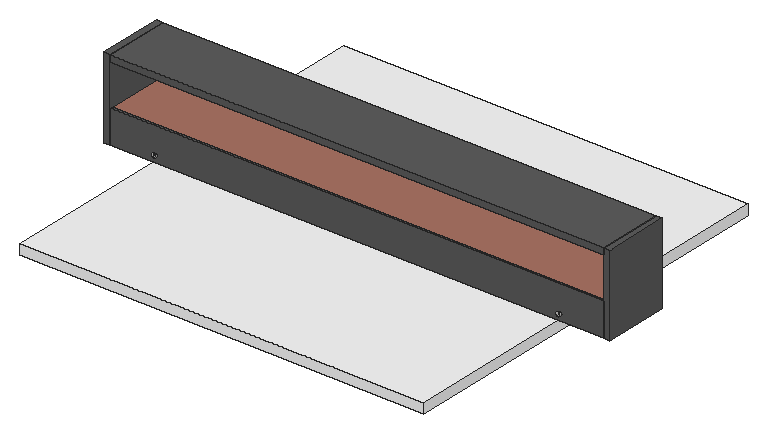
Revit family "BE_50756.6_de_DE", category Leuchten, Revit 2020
Family settings
  Basisbauteil = Fläche
  Bemaßung runder Anschluss = Durchmesser verwenden
  Teiletyp = Normal
  Beim Laden mit Abzugskörper schneiden = Ja
  Lichtquelle = Ja
  Gemeinsam genutzt = Nein
  Raumberechnungspunkt = Ja
Parameters (values of type "BEGA_50756.6_K3")
  built-in parameter 1150104 = 11.65 (stored number, unit not read)
  Wattage = 25.2 W
  Default Elevation = 0 mm
  built-in parameter 1150113 = 1 (stored number, unit not read)
  built-in parameter 1114218 = 1 (stored number, unit not read)
  Umgebungstemperatur = "25 °C"
  URL = "https://www.bega.com/de/produkt/50756.6"
  Typenkommentare = "© 2023 BEGA. Wir behalten uns das Recht vor, technische Änderungen ohne vorherige Ankündigung vorzunehmen."  # constant formula
  built-in parameter 1150134 = (empty or 0)
  built-in parameter 1150109 = 1 (stored number, unit not read)
  built-in parameter 1150110 = 1 (stored number, unit not read)
  Spannung = 239.996 V
  Sonderanfertigung = no
  Seriennummer [instance] = "Hier können Sie die eindeutige Seriennummer für das Facility Management eintragen."
  Schutzklasse = "I"
  Schutzart = "IP 20"
  Scheinlast = 0 VA
  Produktdatenblatt = "https://cdn.bega.com/bega/products/50756.6K3/current/documents/data-sheets/de"
  Neigungswinkel = 0.00°
  Modell = "50756.6K3"
  Material_35 = BEGA_Oberfläche_Samtschwarz_matt
  Material_29 = BEGA_Oberfläche_Kupfer_matt
  Material_15 = BEGA_Leuchtmedium_matt
  Material_13 = BEGA_Kunststoff_matt
  Material_06 = BEGA_Oberfläche_Edelstahl_gebürstet
  Material_05 = BEGA_Oberfläche_Aluminium_Guss
  Material_04 = BEGA_Kunststoff_Grafit_matt
  M_W = no
  M_G = no
  M_A = no
  Logo = 0
  built-in parameter 1114217 = 1 (stored number, unit not read)
  built-in parameter 1150139 = (empty or 0)
  built-in parameter 1150105 = 251.47 (stored number, unit not read)
  built-in parameter 1150114 = 1 (stored number, unit not read)
  Lumens = 3160.08 lm
  built-in parameter 1150115 = 1 (stored number, unit not read)
  Leuchtenlichtstrom = "1067 lm"
  Lebensdauerkriterien = "L70B50 @ 25 °C = 200000 h"
  Lastklassifizierung = Beleuchtung
  built-in parameter 1150112 = 1 (stored number, unit not read)
  Lampenlichtstrom = "3160 lm"
  Lampe = "LED 25.2 W"
  LED_Modulbezeichnung = "2x LED-0696/930"
  Hersteller = "BEGA"  # constant formula
  Gewicht = "1.45 kg"
  Frequenz = "0/50-60 Hz"
  Farbwiedergabeindex = "CRI > 90"
  Farbtemperaturverschiebung bei Dämpfen der Lampe = <Keine Auswahl>
  Farbtemperatur = "3000 K"
  Color Filter = 16777215
  built-in parameter 1150133 = 10 (stored number, unit not read)
  Energieeffizienzklasse = "LED A++ - A"
  built-in parameter 1150137 = (empty or 0)
  built-in parameter 1150132 = (empty or 0)
  ENEC = "ja"
  Dimmbar [instance] = "on/off"
  Datei für fotometrisches Netz = "BE_50756-6K3.ies"
  CE_Konformität = "ja"
  Bestellnummer = "50756.6K3"
  Beschreibung_Sonderanfertigung = "Hier können Sie Informationen zur Sonderanfertigung eintragen."
  Beschreibung = "Wandleuchte"
  built-in parameter 1150106 = 2.5147 (stored number, unit not read)
  Befestigungsbohrung = "Ø 4,5 mm"
  Befestigungsabstand = "410 mm"
  BEGA_Intern_aus = yes
  BEGA_Intern_an = yes
  BEGA_Intern_Konstruktion = yes
  BEGA_Intern = yes
  BEGA_IES = yes
  BEGA_Dummy = no
  Anschlussleistung [instance] = "29 W"
  built-in parameter 1150107 = 3000 (stored number, unit not read)
  built-in parameter 1150102 = (empty or 0)
  built-in parameter 1150138 = (empty or 0)
  Aktualisierung = "2023-06-12T04:00:03"
  AC/DC = "AC/DC"
Reference planes
  plane 1 "Mitte (Vorne/Hinten)": y = 0
  plane 2: z = 0
  plane 3 "Mitte (Links/Rechts)": x = 0
  plane 4 "Links": x = -249
  plane 5 "Rechts": x = 251
  plane 6 "Unten": y = -35.672
  plane 7 "Oben": y = 30.329
  plane 8 "Vorne": z = 80
  plane 9 "Hinten": z = 0
Forms (mm)
  Extrusion 1, solid, material "BEGA_Platte_Weiss"
    sketch origin (0, -1119.2, 0) x (1, 0, 0) y (0, 1, 0)
      loop
        line (-200, 1319.2) -> (-200, 919.2) -> (200, 919.2) -> (200, 1319.2) -> (-200, 1319.2)
    from 0 to -10
  Extrusion 2, solid, material "BEGA_Dummy_matt", visible <- "BEGA_Dummy"
    sketch origin (80.095, -76.023, 0) x (1, 0, 0) y (0, 1, 0)
      loop
        line (-329.095, 106.352) -> (-329.095, 40.351) -> (170.905, 40.351) -> (170.905, 106.352) -> (-329.095, 106.352)
    from 0 to 80
Dimensions and locks
  plane 1 "Mitte (Vorne/Hinten)" to Extrusion 1 = 200 mm
  aligned and locked: plane 2 to Extrusion 1
  aligned and locked: level to Extrusion 1
Nested families
  nested 1: "BE_50756.6_Leuchte" at (0, 0, 0), type "BE_50756.6_Leuchte"
Connectors
  electrical at (0, 0, 0), driven by "Lastklassifizierung", driven by "Spannung", driven by "Scheinlast"
    settings: index 1, voltage 239.996 V, apparent load 0 VA, apparent load phase1 0 VA, apparent load phase2 0 VA, apparent load phase3 0 VA, power factor 1, load classification "Beleuchtung", number of poles 1, system type 31, power factor state 1, is connector primary yes, connector utility no, sub classification motor no, connector description ""
Definition of nested family "BE_50756.6_Leuchte"
  Parameters (values of type "BE_50756.6_Leuchte")
    Default Elevation = 1 mm
    URL = "http://www.bega.de/de/produkt"
    Type Comments = "© 2015 BEGA. Wir behalten uns das Recht vor, technische Änderungen ohne vorherige Ankündigung vorzunehmen. "  # constant formula
    Type Image = (empty or 0)
    Material_35 = none
    Material_29 = none
    Material_15 = none
    Material_13 = none
    Material_06 = none
    Material_05 = none
    Material_04 = none
    Länge_Platte = 550 mm  # constant formula
    Höhe_Platte = -10 mm  # constant formula
    Manufacturer = "BEGA"  # constant formula
    Breite_Platte = 200 mm  # constant formula
  Reference planes
    plane 1 "Mitte (Oben/Unten)": y = 0
    plane 2: z = 0
    plane 3 "Mitte (Links/Rechts)": x = 0
    plane 4: z = 80
    plane 5: y = -35.672
    plane 6: y = 30.328
    plane 7: x = 251
    plane 8: x = -249
  Forms (mm)
    Extrusion 1, solid, detail levels medium
      sketch origin (0, 0, 0) x (1, 0, 0) y (0, 1, 0)
        loop
          line (-275, 100) -> (-275, -100) -> (275, -100) -> (275, 100) -> (-275, 100)
      from 0 to -10 <- "Höhe_Platte"
    Extrusion 2, solid, material <- "Material_05"
      sketch origin (0, 0, 0) x (0, 1, 0) y (0, 0, 1)
        loop
          line (25, 10.5) -> (20, 5.5) -> (-20, 5.5) -> (-25, 10.5) -> (-26.414, 9.086) -> (-21.707, 4.379)
          arc (-21.707, 4.379) -> (-20.734, 3.728) -> (-19.586, 3.5) r 3
          line (-19.586, 3.5) -> (19.586, 3.5)
          arc (19.586, 3.5) -> (20.729, 3.726) -> (21.7, 4.371) r 3
          line (21.7, 4.371) -> (26.414, 9.086) -> (25, 10.5)
      from -235 to 235
    Revolve 3, solid, material <- "Material_05"
      sketch origin (-205, 0, 0) x (0, 1, 0) y (0, 0, 1)
        loop
          line (12, 3.5) -> (12, 0) -> (14, 0)
          arc (14, 0) -> (15.048, 0.296) -> (15.785, 1.097) r 2
          line (15.785, 1.097) -> (17, 3.5) -> (12, 3.5)
        axis (12, 0) -> (12, 3.5)
      angle from 0 to 360
    Revolve 4, solid, material <- "Material_05"
      sketch origin (205, 0, 0) x (0, 1, 0) y (0, 0, 1)
        loop
          line (12, 3.5) -> (12, 0) -> (14, 0)
          arc (14, 0) -> (15.048, 0.296) -> (15.785, 1.097) r 2
          line (15.785, 1.097) -> (17, 3.5) -> (12, 3.5)
        axis (12, 0) -> (12, 3.5)
      angle from 0 to 360
    Revolve 5, solid, material <- "Material_05"
      sketch origin (-205, -24, 0) x (0, 1, 0) y (0, 0, 1)
        loop
          line (12, 3.5) -> (12, 0) -> (14, 0)
          arc (14, 0) -> (15.048, 0.296) -> (15.785, 1.097) r 2
          line (15.785, 1.097) -> (17, 3.5) -> (12, 3.5)
        axis (12, 0) -> (12, 3.5)
      angle from 0 to 360
    Revolve 6, solid, material <- "Material_05"
      sketch origin (205, -24, 0) x (0, 1, 0) y (0, 0, 1)
        loop
          line (12, 3.5) -> (12, 0) -> (14, 0)
          arc (14, 0) -> (15.048, 0.296) -> (15.785, 1.097) r 2
          line (15.785, 1.097) -> (17, 3.5) -> (12, 3.5)
        axis (12, 0) -> (12, 3.5)
      angle from 0 to 360
    Extrusion 7, void
      sketch origin (0, 0, 0) x (1, 0, 0) y (0, 1, 0)
        loop
          arc (100, 15) -> (85, 0) -> (100, -15) r 15
          line (100, -15) -> (140, -15)
          arc (140, -15) -> (155, 0) -> (140, 15) r 15
          line (140, 15) -> (100, 15)
        loop
          arc (-202.75, 2.75) -> (-205, 5) -> (-207.25, 2.75) r 2.25
          line (-207.25, 2.75) -> (-207.25, -2.75)
          arc (-207.25, -2.75) -> (-205, -5) -> (-202.75, -2.75) r 2.25
          line (-202.75, -2.75) -> (-202.75, 2.75)
        loop
          line (207.75, 2.25) -> (202.25, 2.25)
          arc (202.25, 2.25) -> (200, 0) -> (202.25, -2.25) r 2.25
          line (202.25, -2.25) -> (207.75, -2.25)
          arc (207.75, -2.25) -> (210, 0) -> (207.75, 2.25) r 2.25
      from 3.5 to 5.5
    Extrusion 8, solid, material <- "Material_35"
      sketch origin (0, 0, 0) x (0, 1, 0) y (0, 0, 1)
        loop
          line (30.328, 33) -> (28.328, 33) -> (28.328, 31) -> (-32.672, 31) -> (-32.672, 33) -> (-34.672, 33) -> (-34.572, 0) -> (-31.672, 0) -> (-31.672, 2)
          arc (-31.672, 2) -> (-31.525, 2.354) -> (-31.172, 2.5) r 0.5
          arc (-31.172, 2.5) -> (-30.818, 2.646) -> (-30.672, 3) r 0.5
          line (-30.672, 3) -> (-30.672, 10)
          arc (-30.672, 10) -> (-30.818, 10.354) -> (-31.172, 10.5) r 0.5
          arc (-31.172, 10.5) -> (-31.525, 10.646) -> (-31.672, 11) r 0.5
          line (-31.672, 11) -> (-31.672, 29) -> (27.328, 29) -> (27.328, 10) -> (24.328, 7) -> (24.328, 5.5)
          arc (24.328, 5.5) -> (24.475, 5.146) -> (24.828, 5) r 0.5
          line (24.828, 5) -> (26.828, 5)
          arc (26.828, 5) -> (27.182, 4.854) -> (27.328, 4.5) r 0.5
          line (27.328, 4.5) -> (27.328, 0) -> (30.328, 0) -> (30.328, 33)
        loop
          line (30.328, 74) -> (30.328, 80) -> (-34.672, 80) -> (-34.672, 74) -> (-33.172, 74) -> (-33.172, 76) -> (28.828, 76) -> (28.828, 74) -> (30.328, 74)
      from -243 to 245
    Extrusion 9, solid, material <- "Material_04"
      sketch origin (0, 0, 0) x (0, 1, 0) y (0, 0, 1)
        loop
          line (1.328, 76) -> (-17.672, 76) -> (-17.672, 74.2) -> (1.328, 74.2) -> (1.328, 76)
      from -224 to 226.3
    Extrusion 10, solid, material <- "Material_13"
      sketch origin (0, 0, 0) x (0, 1, 0) y (0, 0, 1)
        loop
          line (-27.778, 76) -> (-29.308, 76)
          arc (-29.308, 76) -> (-2.172, 65.676) -> (24.964, 76) r 40.824
          line (24.964, 76) -> (23.435, 76)
          arc (23.435, 76) -> (-2.172, 66.676) -> (-27.778, 76) r 39.824
      from -243 to 245
    Extrusion 11, solid, material <- "Material_35"
      sketch origin (0, 0, 0) x (0, 1, 0) y (0, 0, 1)
        loop
          line (30.328, 80) -> (-34.672, 80) -> (-34.672, 0) -> (30.328, 0) -> (30.328, 80)
      from 245 to 251
    Extrusion 12, solid, material <- "Material_35"
      sketch origin (0, 0, 0) x (0, 1, 0) y (0, 0, -1)
        loop
          line (30.328, -80) -> (30.328, 0) -> (-34.672, 0) -> (-34.672, -80) -> (30.328, -80)
      from 243 to 249
    Extrusion 13, solid, material <- "Material_15"
      sketch origin (0, 0, 0) x (1, 0, 0) y (0, 1, 0)
        loop
          line (-221, -0.672) -> (-221, -3.672) -> (-218, -3.672) -> (-218, -0.672) -> (-221, -0.672)
        loop
          line (-211.609, -3.672) -> (-208.609, -3.672) -> (-208.609, -0.672) -> (-211.609, -0.672) -> (-211.609, -3.672)
        loop
          line (-202.217, -3.672) -> (-199.217, -3.672) -> (-199.217, -0.672) -> (-202.217, -0.672) -> (-202.217, -3.672)
        loop
          line (-192.826, -3.672) -> (-189.826, -3.672) -> (-189.826, -0.672) -> (-192.826, -0.672) -> (-192.826, -3.672)
        loop
          line (-183.435, -0.672) -> (-183.435, -3.672) -> (-180.435, -3.672) -> (-180.435, -0.672) -> (-183.435, -0.672)
        loop
          line (-174.043, -3.672) -> (-171.043, -3.672) -> (-171.043, -0.672) -> (-174.043, -0.672) -> (-174.043, -3.672)
        loop
          line (-164.652, -3.672) -> (-161.652, -3.672) -> (-161.652, -0.672) -> (-164.652, -0.672) -> (-164.652, -3.672)
        loop
          line (-155.261, -3.672) -> (-152.261, -3.672) -> (-152.261, -0.672) -> (-155.261, -0.672) -> (-155.261, -3.672)
        loop
          line (-145.87, -3.672) -> (-142.87, -3.672) -> (-142.87, -0.672) -> (-145.87, -0.672) -> (-145.87, -3.672)
        loop
          line (-136.478, -3.672) -> (-133.478, -3.672) -> (-133.478, -0.672) -> (-136.478, -0.672) -> (-136.478, -3.672)
        loop
          line (-127.087, -3.672) -> (-124.087, -3.672) -> (-124.087, -0.672) -> (-127.087, -0.672) -> (-127.087, -3.672)
        loop
          line (-117.696, -3.672) -> (-114.696, -3.672) -> (-114.696, -0.672) -> (-117.696, -0.672) -> (-117.696, -3.672)
        loop
          line (-108.304, -3.672) -> (-105.304, -3.672) -> (-105.304, -0.672) -> (-108.304, -0.672) -> (-108.304, -3.672)
        loop
          line (-98.913, -3.672) -> (-95.913, -3.672) -> (-95.913, -0.672) -> (-98.913, -0.672) -> (-98.913, -3.672)
        loop
          line (-89.522, -3.672) -> (-86.522, -3.672) -> (-86.522, -0.672) -> (-89.522, -0.672) -> (-89.522, -3.672)
        loop
          line (-80.13, -3.672) -> (-77.13, -3.672) -> (-77.13, -0.672) -> (-80.13, -0.672) -> (-80.13, -3.672)
        loop
          line (-70.739, -3.672) -> (-67.739, -3.672) -> (-67.739, -0.672) -> (-70.739, -0.672) -> (-70.739, -3.672)
        loop
          line (-61.348, -3.672) -> (-58.348, -3.672) -> (-58.348, -0.672) -> (-61.348, -0.672) -> (-61.348, -3.672)
        loop
          line (-51.957, -3.672) -> (-48.957, -3.672) -> (-48.957, -0.672) -> (-51.957, -0.672) -> (-51.957, -3.672)
        loop
          line (-42.565, -3.672) -> (-39.565, -3.672) -> (-39.565, -0.672) -> (-42.565, -0.672) -> (-42.565, -3.672)
        loop
          line (-33.174, -3.672) -> (-30.174, -3.672) -> (-30.174, -0.672) -> (-33.174, -0.672) -> (-33.174, -3.672)
        loop
          line (-23.783, -3.672) -> (-20.783, -3.672) -> (-20.783, -0.672) -> (-23.783, -0.672) -> (-23.783, -3.672)
        loop
          line (-14.391, -3.672) -> (-11.391, -3.672) -> (-11.391, -0.672) -> (-14.391, -0.672) -> (-14.391, -3.672)
        loop
          line (-5, -3.672) -> (-2, -3.672) -> (-2, -0.672) -> (-5, -0.672) -> (-5, -3.672)
        loop
          line (4.3, -3.672) -> (7.3, -3.672) -> (7.3, -0.672) -> (4.3, -0.672) -> (4.3, -3.672)
        loop
          line (13.691, -3.672) -> (16.691, -3.672) -> (16.691, -0.672) -> (13.691, -0.672) -> (13.691, -3.672)
        loop
          line (23.083, -3.672) -> (26.083, -3.672) -> (26.083, -0.672) -> (23.083, -0.672) -> (23.083, -3.672)
        loop
          line (32.474, -3.672) -> (35.474, -3.672) -> (35.474, -0.672) -> (32.474, -0.672) -> (32.474, -3.672)
        loop
          line (41.865, -3.672) -> (44.865, -3.672) -> (44.865, -0.672) -> (41.865, -0.672) -> (41.865, -3.672)
        loop
          line (51.257, -3.672) -> (54.257, -3.672) -> (54.257, -0.672) -> (51.257, -0.672) -> (51.257, -3.672)
        loop
          line (60.648, -3.672) -> (63.648, -3.672) -> (63.648, -0.672) -> (60.648, -0.672) -> (60.648, -3.672)
        loop
          line (70.039, -3.672) -> (73.039, -3.672) -> (73.039, -0.672) -> (70.039, -0.672) -> (70.039, -3.672)
        loop
          line (79.43, -3.672) -> (82.43, -3.672) -> (82.43, -0.672) -> (79.43, -0.672) -> (79.43, -3.672)
        loop
          line (88.822, -3.672) -> (91.822, -3.672) -> (91.822, -0.672) -> (88.822, -0.672) -> (88.822, -3.672)
        loop
          line (98.213, -3.672) -> (101.213, -3.672) -> (101.213, -0.672) -> (98.213, -0.672) -> (98.213, -3.672)
        loop
          line (107.604, -3.672) -> (110.604, -3.672) -> (110.604, -0.672) -> (107.604, -0.672) -> (107.604, -3.672)
        loop
          line (116.996, -3.672) -> (119.996, -3.672) -> (119.996, -0.672) -> (116.996, -0.672) -> (116.996, -3.672)
        loop
          line (126.387, -3.672) -> (129.387, -3.672) -> (129.387, -0.672) -> (126.387, -0.672) -> (126.387, -3.672)
        loop
          line (135.778, -3.672) -> (138.778, -3.672) -> (138.778, -0.672) -> (135.778, -0.672) -> (135.778, -3.672)
        loop
          line (145.17, -3.672) -> (148.17, -3.672) -> (148.17, -0.672) -> (145.17, -0.672) -> (145.17, -3.672)
        loop
          line (154.561, -3.672) -> (157.561, -3.672) -> (157.561, -0.672) -> (154.561, -0.672) -> (154.561, -3.672)
        loop
          line (163.952, -3.672) -> (166.952, -3.672) -> (166.952, -0.672) -> (163.952, -0.672) -> (163.952, -3.672)
        loop
          line (173.343, -3.672) -> (176.343, -3.672) -> (176.343, -0.672) -> (173.343, -0.672) -> (173.343, -3.672)
        loop
          line (182.735, -3.672) -> (185.735, -3.672) -> (185.735, -0.672) -> (182.735, -0.672) -> (182.735, -3.672)
        loop
          line (192.126, -3.672) -> (195.126, -3.672) -> (195.126, -0.672) -> (192.126, -0.672) -> (192.126, -3.672)
        loop
          line (201.517, -3.672) -> (204.517, -3.672) -> (204.517, -0.672) -> (201.517, -0.672) -> (201.517, -3.672)
        loop
          line (210.909, -3.672) -> (213.909, -3.672) -> (213.909, -0.672) -> (210.909, -0.672) -> (210.909, -3.672)
        loop
          line (220.3, -3.672) -> (223.3, -3.672) -> (223.3, -0.672) -> (220.3, -0.672) -> (220.3, -3.672)
      from 73.68 to 74.558
    Revolve 14, solid, material <- "Material_06"
      sketch origin (-199, 0, 0) x (0, 1, 0) y (0, 0, 1)
        loop
          line (-24.728, 6.5) -> (-25.957, 8.629) -> (-26.672, 9.236) -> (-26.672, 8.35) -> (-27.546, 8.35) -> (-28.672, 9) -> (-32.288, 9) -> (-33.002, 8.5) -> (-35.672, 8.5) -> (-35.672, 6.5) -> (-24.728, 6.5)
        axis (-24.728, 6.5) -> (-35.672, 6.5)
      angle from 0 to 360
    Revolve 15, solid, material <- "Material_06"
      sketch origin (201, 0, 0) x (0, 1, 0) y (0, 0, 1)
        loop
          line (-24.728, 6.5) -> (-25.957, 8.629) -> (-26.672, 9.236) -> (-26.672, 8.35) -> (-27.546, 8.35) -> (-28.672, 9) -> (-32.288, 9) -> (-33.002, 8.5) -> (-35.672, 8.5) -> (-35.672, 6.5) -> (-24.728, 6.5)
        axis (-24.728, 6.5) -> (-35.672, 6.5)
      angle from 0 to 360
    Extrusion 16, solid, material <- "Material_29"
      sketch origin (0, 0, 0) x (0, 1, 0) y (0, 0, 1)
        loop
          line (27.973, 31) -> (27.973, 32.46) -> (-32.191, 32.46) -> (-32.191, 31) -> (27.973, 31)
      from -243 to 245
  Cuts and joins
    Extrusion 7 cuts Extrusion 2
    Extrusion 7 cuts Revolve 3
    Extrusion 7 cuts Revolve 4
    Extrusion 7 cuts Revolve 5
    Extrusion 7 cuts Revolve 6
    joined: Extrusion 2, Revolve 3, Revolve 4, Revolve 5, Revolve 6
    joined: Extrusion 11, Extrusion 12
    joined: Revolve 14, Revolve 15
  Dimensions and locks
    equal spacing: Extrusion 1 sketch curve, plane 3 "Mitte (Links/Rechts)", Extrusion 1 sketch curve
    equal spacing: Extrusion 1 sketch curve, plane 1 "Mitte (Oben/Unten)", Extrusion 1 sketch curve
    "Länge_Platte": Extrusion 1 sketch curve to Extrusion 1 sketch curve
    "Breite_Platte": Extrusion 1 sketch curve to Extrusion 1 sketch curve
    plane 1 "Mitte (Oben/Unten)" to Extrusion 1 = 100 mm  (x3)
    aligned and locked: Extrusion 1 to plane 2
    aligned and locked: Extrusion 1 to level
  Automatic sketch dimensions
    level to Extrusion 2 sketch curve = 9.086 mm  (x2)
    plane 1 "Mitte (Oben/Unten)" to Extrusion 2 sketch curve = 26.414 mm
    level to Extrusion 2 sketch curve = 10.5 mm  (x2)
    Extrusion 2 sketch curve to Extrusion 2 sketch curve = 1.414 mm  (x2)
    level to Extrusion 2 sketch curve = 5.5 mm
    Extrusion 2 sketch curve to Extrusion 2 sketch curve = 5 mm
    Extrusion 2 sketch curve to Extrusion 2 sketch curve = 0.414 mm  (x2)
    level to Extrusion 2 sketch curve = 3.5 mm
    Extrusion 2 sketch curve to plane 1 "Mitte (Oben/Unten)" = 19.586 mm
    level to Extrusion 2 sketch curve = 4.371 mm
    Extrusion 2 sketch curve to Extrusion 2 sketch curve = 1.699 mm
    Extrusion 2 sketch curve to Extrusion 2 sketch curve = 5.414 mm
    Extrusion 2 sketch curve to Extrusion 2 sketch curve = 1 mm
    level to Extrusion 2 sketch curve = 4.379 mm
    Extrusion 2 sketch curve to Extrusion 2 sketch curve = 1.707 mm
    Extrusion 2 sketch curve to Extrusion 2 sketch curve = 0 mm
    Revolve 3 sketch curve to level = 0 mm
    level to Revolve 3 sketch curve = 3.5 mm
    Revolve 3 sketch curve to plane 1 "Mitte (Oben/Unten)" = 12 mm
    Revolve 3 sketch curve to Revolve 3 sketch curve = 2 mm  (x4)
    Revolve 3 sketch curve to Revolve 3 sketch curve = 3 mm
    Revolve 3 sketch curve to Revolve 3 sketch curve = 0 mm  (x2)
    level to Revolve 3 sketch curve = 1.097 mm  (x2)
    Revolve 4 sketch curve to level = 0 mm
    level to Revolve 4 sketch curve = 3.5 mm
    Revolve 4 sketch curve to plane 1 "Mitte (Oben/Unten)" = 12 mm
    Revolve 4 sketch curve to Revolve 4 sketch curve = 2 mm  (x4)
    Revolve 4 sketch curve to Revolve 4 sketch curve = 3 mm
    Revolve 4 sketch curve to Revolve 4 sketch curve = 0 mm  (x2)
    level to Revolve 4 sketch curve = 1.097 mm  (x2)
    Revolve 5 sketch curve to level = 0 mm
    level to Revolve 5 sketch curve = 3.5 mm
    plane 1 "Mitte (Oben/Unten)" to Revolve 5 sketch curve = 12 mm
    Revolve 5 sketch curve to Revolve 5 sketch curve = 2 mm  (x3)
    Revolve 5 sketch curve to Revolve 5 sketch curve = 3 mm
    Revolve 5 sketch curve to Revolve 5 sketch curve = 0 mm  (x2)
    level to Revolve 5 sketch curve = 1.097 mm  (x2)
    Revolve 5 sketch curve to level = 2 mm
    Revolve 6 sketch curve to level = 0 mm
    level to Revolve 6 sketch curve = 3.5 mm
    plane 1 "Mitte (Oben/Unten)" to Revolve 6 sketch curve = 12 mm
    Revolve 6 sketch curve to Revolve 6 sketch curve = 2 mm  (x3)
    Revolve 6 sketch curve to Revolve 6 sketch curve = 3 mm
    Revolve 6 sketch curve to Revolve 6 sketch curve = 0 mm  (x2)
    level to Revolve 6 sketch curve = 1.097 mm  (x2)
    Revolve 6 sketch curve to level = 2 mm
    plane 1 "Mitte (Oben/Unten)" to Extrusion 7 sketch curve = 0 mm  (x2)
    Extrusion 7 sketch curve to plane 1 "Mitte (Oben/Unten)" = 2.75 mm
    Extrusion 7 sketch curve to plane 3 "Mitte (Links/Rechts)" = 207.25 mm
    Extrusion 7 sketch curve to Extrusion 7 sketch curve = 2.25 mm
    Extrusion 7 sketch curve to plane 1 "Mitte (Oben/Unten)" = 15 mm
    plane 3 "Mitte (Links/Rechts)" to Extrusion 7 sketch curve = 100 mm
    Extrusion 7 sketch curve to Extrusion 7 sketch curve = 40 mm
    Extrusion 7 sketch curve to plane 1 "Mitte (Oben/Unten)" = 2.25 mm
    Extrusion 7 sketch curve to Extrusion 7 sketch curve = 62.25 mm
    Extrusion 7 sketch curve to Extrusion 7 sketch curve = 5.5 mm
    plane 1 "Mitte (Oben/Unten)" to Extrusion 7 sketch curve = 2.75 mm
    Extrusion 8 sketch curve to level = 0 mm  (x3)
    plane 1 "Mitte (Oben/Unten)" to Extrusion 8 sketch curve = 34.672 mm  (x2)
    Extrusion 8 sketch curve to Extrusion 8 sketch curve = 0 mm  (x13)
    Extrusion 8 sketch curve to Extrusion 8 sketch curve = 0.101 mm
    Extrusion 8 sketch curve to Extrusion 8 sketch curve = 1.5 mm  (x2)
    Extrusion 8 sketch curve to Extrusion 8 sketch curve = 2.001 mm
    Extrusion 8 sketch curve to Extrusion 8 sketch curve = 2.9 mm
    level to Extrusion 8 sketch curve = 2 mm
    Extrusion 8 sketch curve to Extrusion 8 sketch curve = 1 mm  (x2)
    Extrusion 8 sketch curve to Extrusion 8 sketch curve = 0.5 mm  (x11)
    level to Extrusion 8 sketch curve = 3 mm
    level to Extrusion 8 sketch curve = 10 mm  (x2)
    level to Extrusion 8 sketch curve = 5.5 mm
    Extrusion 8 sketch curve to plane 1 "Mitte (Oben/Unten)" = 24.328 mm
    level to Extrusion 8 sketch curve = 7 mm
    Extrusion 8 sketch curve to Extrusion 8 sketch curve = 2 mm  (x7)
    level to Extrusion 8 sketch curve = 4.5 mm
    Extrusion 8 sketch curve to Extrusion 8 sketch curve = 3 mm  (x2)
    Extrusion 8 sketch curve to plane 1 "Mitte (Oben/Unten)" = 28.828 mm
    Extrusion 8 sketch curve to Extrusion 8 sketch curve = 19 mm
    Extrusion 8 sketch curve to Extrusion 8 sketch curve = 18 mm
    Extrusion 8 sketch curve to Extrusion 8 sketch curve = 41 mm  (x2)
    Extrusion 8 sketch curve to Extrusion 8 sketch curve = 4 mm
    plane 1 "Mitte (Oben/Unten)" to Extrusion 9 sketch curve = 17.672 mm
    Extrusion 9 sketch curve to Extrusion 9 sketch curve = 0 mm
    Extrusion 9 sketch curve to plane 1 "Mitte (Oben/Unten)" = 1.328 mm
    level to Extrusion 9 sketch curve = 74.2 mm
    Extrusion 9 sketch curve to Extrusion 9 sketch curve = 1.8 mm
    Extrusion 10 sketch curve to Extrusion 10 sketch curve = 0 mm  (x3)
    plane 1 "Mitte (Oben/Unten)" to Extrusion 10 sketch curve = 29.308 mm
    Extrusion 10 sketch curve to Extrusion 10 sketch curve = 1.529 mm  (x2)
    plane 1 "Mitte (Oben/Unten)" to Extrusion 10 sketch curve = 2.172 mm
    Extrusion 10 sketch curve to plane 1 "Mitte (Oben/Unten)" = 23.435 mm
    level to Extrusion 10 sketch curve = 76 mm
    Extrusion 10 sketch curve to Extrusion 10 sketch curve = 30.5 mm
    Extrusion 11 sketch curve to level = 0 mm
    plane 1 "Mitte (Oben/Unten)" to Extrusion 11 sketch curve = 34.672 mm  (x2)
    Extrusion 11 sketch curve to plane 1 "Mitte (Oben/Unten)" = 30.328 mm
    level to Extrusion 11 sketch curve = 80 mm
    Extrusion 12 sketch curve to level = 0 mm
    plane 1 "Mitte (Oben/Unten)" to Extrusion 12 sketch curve = 34.672 mm  (x2)
    Extrusion 12 sketch curve to plane 1 "Mitte (Oben/Unten)" = 30.328 mm
    level to Extrusion 12 sketch curve = 80 mm
    plane 1 "Mitte (Oben/Unten)" to Extrusion 13 sketch curve = 0.672 mm  (x48)
    Extrusion 13 sketch curve to plane 3 "Mitte (Links/Rechts)" = 221 mm
    Extrusion 13 sketch curve to Extrusion 13 sketch curve = 3 mm  (x65)
    Extrusion 13 sketch curve to Extrusion 13 sketch curve = 6.391 mm  (x45)
    Extrusion 13 sketch curve to plane 3 "Mitte (Links/Rechts)" = 5 mm
    Extrusion 13 sketch curve to plane 3 "Mitte (Links/Rechts)" = 2 mm
    plane 3 "Mitte (Links/Rechts)" to Extrusion 13 sketch curve = 4.3 mm
    plane 1 "Mitte (Oben/Unten)" to Extrusion 13 sketch curve = 3.672 mm  (x30)
    level to Revolve 14 sketch curve = 8.5 mm  (x2)
    plane 1 "Mitte (Oben/Unten)" to Revolve 14 sketch curve = 35.672 mm
    Revolve 14 sketch curve to Revolve 14 sketch curve = 2.67 mm
    level to Revolve 14 sketch curve = 9 mm
    Revolve 14 sketch curve to Revolve 14 sketch curve = 0.714 mm  (x2)
    Revolve 14 sketch curve to Revolve 14 sketch curve = 3.616 mm
    Revolve 14 sketch curve to Revolve 14 sketch curve = 1.126 mm
    Revolve 14 sketch curve to Revolve 14 sketch curve = 0.874 mm
    level to Revolve 14 sketch curve = 8.629 mm
    level to Revolve 14 sketch curve = 6.5 mm
    Revolve 14 sketch curve to Revolve 14 sketch curve = 1.229 mm
    Revolve 14 sketch curve to Revolve 14 sketch curve = 0.279 mm
    Revolve 14 sketch curve to Revolve 14 sketch curve = 0 mm  (x3)
    Revolve 14 sketch curve to Revolve 14 sketch curve = 0.886 mm
    Revolve 14 sketch curve to Revolve 14 sketch curve = 0.832 mm
    level to Revolve 15 sketch curve = 8.5 mm  (x2)
    plane 1 "Mitte (Oben/Unten)" to Revolve 15 sketch curve = 35.672 mm
    Revolve 15 sketch curve to Revolve 15 sketch curve = 2.67 mm
    level to Revolve 15 sketch curve = 9 mm
    Revolve 15 sketch curve to Revolve 15 sketch curve = 0.714 mm  (x2)
    Revolve 15 sketch curve to Revolve 15 sketch curve = 3.616 mm
    Revolve 15 sketch curve to Revolve 15 sketch curve = 1.126 mm
    Revolve 15 sketch curve to Revolve 15 sketch curve = 0.874 mm
    level to Revolve 15 sketch curve = 8.629 mm
    level to Revolve 15 sketch curve = 6.5 mm
    Revolve 15 sketch curve to Revolve 15 sketch curve = 1.229 mm
    Revolve 15 sketch curve to Revolve 15 sketch curve = 0.279 mm
    Revolve 15 sketch curve to Revolve 15 sketch curve = 0 mm  (x3)
    Revolve 15 sketch curve to Revolve 15 sketch curve = 0.886 mm
    Revolve 15 sketch curve to Revolve 15 sketch curve = 0.832 mm
    plane 1 "Mitte (Oben/Unten)" to Extrusion 16 sketch curve = 32.191 mm
    Extrusion 16 sketch curve to plane 1 "Mitte (Oben/Unten)" = 27.973 mm
    level to Extrusion 16 sketch curve = 32.46 mm
    Extrusion 16 sketch curve to Extrusion 16 sketch curve = 1.46 mm
